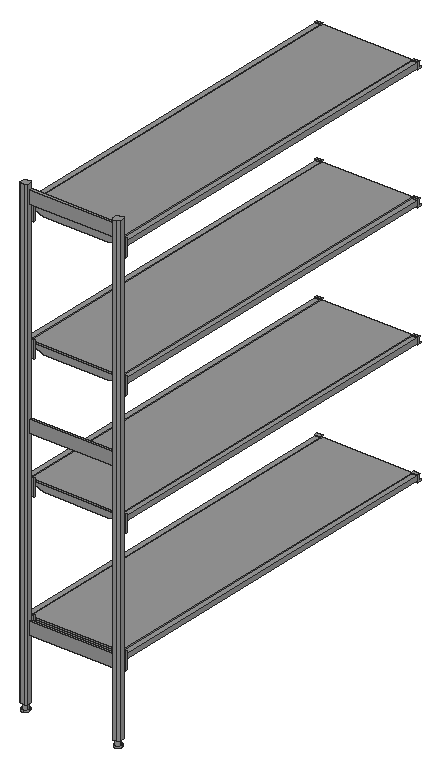
Revit family "QF_ELECTROLUXPROFESSIONAL_137057_ACS1362", category Attrezzature speciali, Revit 2020
Family settings
  Quota connettore circolare = Usa diametro
  Tipo di parte = Normale
  Basato su piano di lavoro = No
  Sempre verticale = Sì
  Taglio con vuoti quando caricato = No
  Condiviso = No
  Punto di calcolo locali = No
Parameters (values of type "Standard")
  Weight = 21.00 kg
  Watts = 0 W
  Volts = 0 V
  URL Manufacturer = "https://www.electroluxprofessional.com/"
  URL = "https://www.electroluxprofessional.com/"
  Steam Supply Size = 0 mm
  Steam Supply Minimum Pressure = 0.0 Pa
  Steam Supply Maximum Pressure = 0.0 Pa
  Steam Consumption per Hour = 0
  Refrigeration Suction Line Size = 0.0 mm
  Refrigeration Liquid Line Size = 0.0 mm
  Refrigerant Compressor Remote = yes
  Prospetto di default = 0.0 mm
  Phase = 0
  Modello = "ACS1362"
  Produttore = "Electrolux Professional"
  Length Actual = 1366.0 mm  # constant formula
  Item Number = "137057"
  Hot Water Size = 0 mm
  Height Actual = 1700.0 mm  # constant formula
  HP = "0 HP"
  Gas Size = 0 mm
  Gas KW = 0
  Gas Input Pressure = 0 W
  Direct Waste Size = 0 mm
  Descrizione = "ALUM.CORNER SHELV.-POLY.TIERS-373X1366MM"
  Depth Actual = 373.0 mm  # constant formula
  Cycle = 0 Hz
  Condensate Return Size = 0 mm
  Compressed Air Volume = 0.0 L/s
  Compressed Air Size = 0 mm
  Compressed Air Pressure = 0.0 Pa
  Cold Water Size = 0 mm
  Accessory = yes
Reference planes
  plane 1: z = 0
  plane 2 "Center (F/B)": y = -163.5
  plane 3 "Front": y = -549.5
  plane 4 "Left": x = -217.5
  plane 5 "Right": x = 155.5
  plane 6 "TOP": z = 1700
  plane 7: y = -517.5
  plane 8: y = 812.5
  plane 9 "Center (Left/Right)": x = -31
  plane 10: y = 807.5
  plane 11: x = -186
  plane 12: x = 124
  plane 13 "FEET": z = 25
  plane 14: z = 275
  plane 15: z = 725
  plane 16: z = 1175
  plane 17: z = 1625
  plane 18 "CXLeft": y = -535.5
  plane 19: x = -200
  plane 20 "CYBack": x = -200
  plane 21 "CYFront": x = 138
  plane 22 "Back": y = 816.5
  plane 23 "LEFT_ORIGIN": x = -251.5
  plane 24 "BACK_Origin": y = 1189.5
Forms (mm)
  Extrusion 1, solid, material "QF_Aluminum"
    sketch origin (0, -549.5, 0) x (-1, 0, 0) y (0, 0, 1)
      loop
        line (198.5, 1650.994) -> (198.5, 1632.998) -> (217.5, 1632.998) -> (217.5, 1650.994) -> (198.5, 1650.994)
      loop
        line (-136.5, 1650.994) -> (-155.5, 1650.994) -> (-155.5, 1632.998) -> (-136.5, 1632.998) -> (-136.5, 1650.994)
      loop
        line (198.5, 1200.994) -> (198.5, 1182.998) -> (217.5, 1182.998) -> (217.5, 1200.994) -> (198.5, 1200.994)
      loop
        line (-136.5, 1200.994) -> (-155.5, 1200.994) -> (-155.5, 1182.998) -> (-136.5, 1182.998) -> (-136.5, 1200.994)
      loop
        line (198.5, 750.994) -> (198.5, 732.998) -> (217.5, 732.998) -> (217.5, 750.994) -> (198.5, 750.994)
      loop
        line (-136.5, 750.994) -> (-155.5, 750.994) -> (-155.5, 732.998) -> (-136.5, 732.998) -> (-136.5, 750.994)
      loop
        line (198.5, 300.994) -> (198.5, 282.998) -> (217.5, 282.998) -> (217.5, 300.994) -> (198.5, 300.994)
      loop
        line (-136.5, 300.994) -> (-155.5, 300.994) -> (-155.5, 282.998) -> (-136.5, 282.998) -> (-136.5, 300.994)
    from 32 to 1362
  Extrusion 2, solid, material "QF_Polyethylene"
    sketch origin (0, -549.5, 0) x (-1, 0, 0) y (0, 0, 1)
      loop
        line (196.507, 1650.994) -> (-134.5, 1650.994) -> (-134.5, 1644.496) -> (196.507, 1644.496) -> (196.507, 1650.994)
      loop
        line (196.507, 1200.994) -> (-134.5, 1200.994) -> (-134.5, 1194.496) -> (196.507, 1194.496) -> (196.507, 1200.994)
      loop
        line (196.507, 750.994) -> (-134.5, 750.994) -> (-134.5, 744.496) -> (196.507, 744.496) -> (196.507, 750.994)
      loop
        line (196.507, 300.994) -> (-134.5, 300.994) -> (-134.5, 294.496) -> (196.507, 294.496) -> (196.507, 300.994)
    from 32 to 1362
Lines and regions (mm)
  symbolic lines
    curve 1: line (-198.5, 812.5, 1700) -> (-198.5, -517.5, 1700)
    curve 2: line (-217.5, -521.5, 1700) -> (-217.5, 812.5, 1700)
    curve 3: line (155.5, -521.5, 1700) -> (155.5, 812.5, 1700)
    curve 4: line (-181.507, -517.5, 1700) -> (119.507, -517.5, 1700)
    curve 5: line (136.5, -517.5, 1700) -> (136.5, 812.5, 1700)
    curve 6: line (-198.5, 812.5, 1700) -> (136.5, 812.5, 1700)
Dimensions and locks
  plane 3 "Front" to plane 2 "Center (F/B)" = 386.0 mm
  locked: plane 6 "TOP" to level at 1700
  locked: plane 4 "Left" to plane 5 "Right" at 373
  locked: plane 7 to plane 8 at 1330
  locked: plane 3 "Front" to plane 7 at 32
  plane 10 to plane 8 = 5.0 mm
  locked: plane 11 to plane 12 at 310
  equal spacing: plane 11, plane 9 "Center (Left/Right)", plane 12
  equal spacing: plane 4 "Left", plane 9 "Center (Left/Right)", plane 5 "Right"
  plane 13 "FEET" to level = 25.0 mm
  plane 6 "TOP" to plane 13 "FEET" = 1675.0 mm
  plane 14 to plane 13 "FEET" = 250.0 mm
  plane 15 to plane 14 = 450.0 mm
  plane 16 to plane 15 = 450.0 mm
  plane 17 to plane 16 = 450.0 mm
  locked: plane 3 "Front" to plane 18 "CXLeft" at 14
  locked: plane 3 "Front" to plane 22 "Back" at 1366
  plane 23 "LEFT_ORIGIN" to plane 5 "Right" = 407.0 mm
  locked: plane 22 "Back" to plane 24 "BACK_Origin" at 373
  aligned and locked: level to plane 1
  aligned and locked: Extrusion 2 to plane 7
  aligned and locked: plane 8 to Extrusion 2
  aligned and locked: Extrusion 1 to plane 7
  aligned and locked: plane 8 to Extrusion 1
  aligned and locked: Extrusion 1 sketch curve to Extrusion 1 sketch curve  (x2)
  aligned and locked: nested 1 to plane 18 "CXLeft"
  aligned and locked: nested 2 to plane 10
Automatic sketch dimensions
  curve 2 to plane 4 "Left" = 0.0 mm
  curve 3 to plane 5 "Right" = 0.0 mm
  plane 7 to curve 1 = 0.0 mm
  plane 7 to curve 4 = 0.0 mm
  plane 7 to curve 5 = 0.0 mm
  plane 8 to curve 2 = 0.0 mm
  plane 8 to curve 1 = 0.0 mm
  plane 8 to curve 3 = 0.0 mm
  plane 21 "CYFront" to curve 5 = 1.5 mm
  plane 19 to curve 6 = 1.5 mm
  plane 7 to curve 3 = 4.0 mm
  plane 7 to curve 2 = 4.0 mm
  plane 12 to curve 4 = 4.493 mm
  curve 4 to plane 11 = 4.493 mm
  plane 5 "Right" to Extrusion 1 sketch curve = 0.0 mm  (x4)
  plane 4 "Left" to Extrusion 1 sketch curve = 0.0 mm  (x4)
  plane 21 "CYFront" to Extrusion 1 sketch curve = 1.5 mm  (x2)
  plane 19 to Extrusion 1 sketch curve = 1.5 mm  (x4)
  plane 14 to Extrusion 1 sketch curve = 7.998 mm  (x2)
  Extrusion 1 sketch curve to Extrusion 1 sketch curve = 17.997 mm  (x8)
  plane 15 to Extrusion 1 sketch curve = 7.998 mm  (x2)
  plane 16 to Extrusion 1 sketch curve = 7.998 mm  (x2)
  plane 17 to Extrusion 1 sketch curve = 7.998 mm  (x2)
  plane 21 "CYFront" to Extrusion 2 sketch curve = 3.5 mm  (x4)
  plane 19 to Extrusion 2 sketch curve = 3.493 mm  (x4)
  plane 14 to Extrusion 2 sketch curve = 19.496 mm
  Extrusion 2 sketch curve to Extrusion 2 sketch curve = 6.499 mm  (x4)
  plane 15 to Extrusion 2 sketch curve = 19.496 mm
  plane 16 to Extrusion 2 sketch curve = 19.496 mm
  plane 17 to Extrusion 2 sketch curve = 19.496 mm
Nested families
  nested 1: "WT_Anta373" at (-194.5, -132.5, 0) x (0, 1, 0) z (0, 0, 1), type "WT_Anta373"
  nested 2: "WT_Aggancio373" at (-194.5, 1224.5, 0) x (0, 1, 0) z (0, 0, 1), type "WT_Aggancio373"
Definition of nested family "WT_Anta373"
  Parameters
    WidthLeft = A + 64.0 mm  # 772.0 mm
    Width = 1606.0 mm
    Right = WidthLeft / 2  # 386.0 mm
    Default Elevation = 0.0 mm
    Left = -WidthLeft / 2  # -386.0 mm
    Height = 1725.0 mm
    FEET = 25.0 mm
    E = 0.0 mm
    Dint = Depth - 63.0 mm  # 310.0 mm
    Dext = Depth - 8.0 mm  # 365.0 mm
    Depth = 373.0 mm
    DX = (WidthLeft - A) / 2  # 32.0 mm
    B = 798.0 mm
    A = 708.0 mm
  Reference planes
    plane 1: z = 0
    plane 2 "LEFT": x = -417
    plane 3 "BACK": y = 23
    plane 4 "FRONT": y = -350
    plane 5 "TOP": z = 1725
    plane 6 "Center (Front/Back)": y = -163.5
    plane 7: y = -8.5
    plane 8: y = -318.5
    plane 9 "FEET": z = 25
    plane 10: z = 275
    plane 11: z = 725
    plane 12: z = 1175
    plane 13: z = 1625
    plane 14 "CXLeft": x = -403
    plane 15: y = 5.5
    plane 16 "CYBack": y = 5.5
    plane 17 "CYFront": y = -332.5
    plane 18: x = -385.031
    plane 19: x = -380.031
  Forms (mm)
    Extrusion 1, solid
      sketch origin (0, 0, 0) x (1, 0, 0) y (0, 1, 0)
        loop
          line (-417, 13.246) -> (-417, -2.246) -> (-410.746, -8.5) -> (-395.254, -8.5) -> (-389, -2.246) -> (-389, 13.246) -> (-395.254, 19.5) -> (-410.746, 19.5) -> (-417, 13.246)
      from 1725 to 25
    Extrusion 2, solid
      sketch origin (-417, 0, 0) x (0, 1, 0) y (0, 0, 1)
        loop
          line (23, 246.005) -> (23, 307.993) -> (-12.993, 307.993) -> (-12.993, 246.005) -> (23, 246.005)
        loop
          line (-350, 246.005) -> (-314.007, 246.005) -> (-314.007, 307.993) -> (-350, 307.993) -> (-350, 246.005)
        loop
          line (23, 696.005) -> (23, 757.993) -> (-12.993, 757.993) -> (-12.993, 696.005) -> (23, 696.005)
        loop
          line (-350, 696.005) -> (-314.007, 696.005) -> (-314.007, 757.993) -> (-350, 757.993) -> (-350, 696.005)
        loop
          line (23, 1146.005) -> (23, 1207.993) -> (-12.993, 1207.993) -> (-12.993, 1146.005) -> (23, 1146.005)
        loop
          line (-350, 1146.005) -> (-314.007, 1146.005) -> (-314.007, 1207.993) -> (-350, 1207.993) -> (-350, 1146.005)
        loop
          line (23, 1596.005) -> (23, 1657.993) -> (-12.993, 1657.993) -> (-12.993, 1596.005) -> (23, 1596.005)
        loop
          line (-350, 1596.005) -> (-314.007, 1596.005) -> (-314.007, 1657.993) -> (-350, 1657.993) -> (-350, 1596.005)
      from 28 to 32
    Revolve 3, solid
      sketch origin (-403, 0, 0) x (0, 1, 0) y (0, 0, 1)
        loop
          line (5.5, 25) -> (5.5, 0) -> (19, 0) -> (19, 5) -> (14, 5) -> (14, 25) -> (5.5, 25)
        axis (5.5, 25) -> (5.5, 0)
      angle from 0 to 360
    Extrusion 4, solid
      sketch origin (-403, 0, 0) x (0, 1, 0) y (0, 0, 1)
        loop
          line (-8.5, 912.382) -> (-8.5, 957.374) -> (-318.5, 957.374) -> (-318.5, 912.382) -> (-8.5, 912.382)
        loop
          line (-8.5, 1662.244) -> (-8.5, 1707.236) -> (-318.5, 1707.236) -> (-318.5, 1662.244) -> (-8.5, 1662.244)
      from -5 to 5
    Revolve 5, solid
      sketch origin (-403, -627, 0) x (0, -1, 0) y (0, 0, 1)
        loop
          line (-294.5, 25) -> (-294.5, 0) -> (-281, 0) -> (-281, 5) -> (-286, 5) -> (-286, 25) -> (-294.5, 25)
        axis (-294.5, 25) -> (-294.5, 0)
      angle from 0 to 360
    Extrusion 6, solid
      sketch origin (0, -627, 0) x (1, 0, 0) y (0, 1, 0)
        loop
          line (-417, 286.754) -> (-410.746, 280.5) -> (-395.254, 280.5) -> (-389, 286.754) -> (-389, 302.246) -> (-395.254, 308.5) -> (-410.746, 308.5) -> (-417, 302.246) -> (-417, 286.754)
      from 1725 to 25
    Extrusion 7, solid
      sketch origin (-417.031, -0.022, 0) x (0, 1, 0) y (0, 0, -1)
        loop
          line (-12, -1632.998) -> (-46, -1620.994) -> (-281, -1620.994) -> (-315, -1632.998) -> (-331, -1632.998) -> (-331, -1650.994) -> (-329, -1650.994) -> (-329, -1644.496) -> (2.007, -1644.496) -> (2.007, -1650.994) -> (4, -1650.994) -> (4, -1632.998) -> (-12, -1632.998)
        loop
          line (-12, -1182.998) -> (-46, -1170.994) -> (-281, -1170.994) -> (-315, -1182.998) -> (-331, -1182.998) -> (-331, -1200.994) -> (-329, -1200.994) -> (-329, -1194.496) -> (2.007, -1194.496) -> (2.007, -1200.994) -> (4, -1200.994) -> (4, -1182.998) -> (-12, -1182.998)
        loop
          line (-12, -732.998) -> (-46, -720.994) -> (-281, -720.994) -> (-315, -732.998) -> (-331, -732.998) -> (-331, -750.994) -> (-329, -750.994) -> (-329, -744.496) -> (2.007, -744.496) -> (2.007, -750.994) -> (4, -750.994) -> (4, -732.998) -> (-12, -732.998)
        loop
          line (-12, -282.998) -> (-46, -270.994) -> (-281, -270.994) -> (-315, -282.998) -> (-331, -282.998) -> (-331, -300.994) -> (-329, -300.994) -> (-329, -294.496) -> (2.007, -294.496) -> (2.007, -300.994) -> (4, -300.994) -> (4, -282.998) -> (-12, -282.998)
      from -32 to -37
    Extrusion 8, solid
      sketch origin (-403, 0, -659.878) x (0, 1, 0) y (0, 0, 1)
        loop
          line (-8.5, 912.382) -> (-8.5, 957.374) -> (-318.5, 957.374) -> (-318.5, 912.382) -> (-8.5, 912.382)
        loop
          line (-8.5, 1572.382) -> (-8.5, 1617.374) -> (-318.5, 1617.374) -> (-318.5, 1572.382) -> (-8.5, 1572.382)
        loop
          line (-8.5, 2322.382) -> (-8.5, 2367.374) -> (-318.5, 2367.374) -> (-318.5, 2322.382) -> (-8.5, 2322.382)
      from -5 to 5
  Lines and regions (mm)
    symbolic lines
      curve 1: line (-408, -8.5, 1725) -> (-408, -318.5, 1725)
      curve 2: line (-398, -318.5, 1725) -> (-398, -8.5, 1725)
      curve 3: line (-395.254, -8.5, 1725) -> (-410.746, -8.5, 1725)
      curve 4: line (-417, -2.246, 1725) -> (-410.746, -8.5, 1725)
      curve 5: line (-417, 13.246, 1725) -> (-417, -2.246, 1725)
      curve 6: line (-410.746, 19.5, 1725) -> (-417, 13.246, 1725)
      curve 7: line (-395.254, 19.5, 1725) -> (-410.746, 19.5, 1725)
      curve 8: line (-389, 13.246, 1725) -> (-395.254, 19.5, 1725)
      curve 9: line (-395.254, -8.5, 1725) -> (-389, -2.246, 1725)
      curve 10: line (-395.254, -318.5, 1725) -> (-410.746, -318.5, 1725)
      curve 11: line (-417, -324.754, 1725) -> (-410.746, -318.5, 1725)
      curve 12: line (-410.746, -346.5, 1725) -> (-417, -340.246, 1725)
      curve 13: line (-395.254, -346.5, 1725) -> (-410.746, -346.5, 1725)
      curve 14: line (-389, -340.246, 1725) -> (-395.254, -346.5, 1725)
      curve 15: line (-395.254, -318.5, 1725) -> (-389, -324.754, 1725)
      curve 16: line (-389, -350, 1725) -> (-389, -314.007, 1725)
      curve 17: line (-389, -314.007, 1725) -> (-385, -314.007, 1725)
      curve 18: line (-389, 23, 1725) -> (-389, -12.993, 1725)
      curve 19: line (-389, -12.993, 1725) -> (-385, -12.993, 1725)
      curve 20: line (-417, -324.754, 1725) -> (-417, -340.246, 1725)
      curve 21: line (-385, -350, 1725) -> (-385, -314.007, 1725)
      curve 22: line (-385, -350, 1725) -> (-389, -350, 1725)
      curve 23: line (-385, 23, 1725) -> (-389, 23, 1725)
      curve 24: line (-385, -12.993, 1725) -> (-385, 23, 1725)
      curve 25: line (-385.031, -13.016, 1725) -> (-385.031, -314.029, 1725)
  Dimensions and locks
    "Height": plane 5 "TOP" to level
    "Depth": plane 3 "BACK" to plane 4 "FRONT"
    "Dint": plane 7 to plane 8
    equal spacing: plane 7, plane 6 "Center (Front/Back)", plane 8
    equal spacing: plane 3 "BACK", plane 6 "Center (Front/Back)", plane 4 "FRONT"
    plane 9 "FEET" to level = 25.0 mm
    plane 5 "TOP" to plane 9 "FEET" = 1700.0 mm
    plane 10 to plane 9 "FEET" = 250.0 mm
    plane 11 to plane 10 = 450.0 mm
    plane 12 to plane 11 = 450.0 mm
    plane 13 to plane 12 = 450.0 mm
    locked: plane 2 "LEFT" to plane 14 "CXLeft" at 14
    locked: plane 3 "BACK" to plane 16 "CYBack" at 17.5
    locked: plane 17 "CYFront" to plane 4 "FRONT" at 17.5
    locked: Revolve 3 sketch curve to Revolve 3 sketch curve at 8.5
    locked: Revolve 3 sketch curve to plane 16 "CYBack" at 13.5
    locked: Revolve 5 sketch curve to Revolve 5 sketch curve at 8.5
    aligned and locked: level to plane 1
    aligned and locked: curve 20 to Extrusion 6
    aligned and locked: plane 5 "TOP" to Extrusion 1
    aligned and locked: plane 5 "TOP" to Extrusion 6
    aligned and locked: Extrusion 7 sketch curve to Extrusion 7 sketch curve  (x3)
  Automatic sketch dimensions
    curve 16 to plane 4 "FRONT" = 0.0 mm
    curve 11 to plane 8 = 0.0 mm
    curve 9 to plane 7 = 0.0 mm
    curve 5 to plane 2 "LEFT" = 0.0 mm
    curve 23 to plane 3 "BACK" = 0.0 mm
    plane 4 "FRONT" to curve 13 = 3.5 mm
    curve 20 to plane 17 "CYFront" = 7.746 mm
    curve 20 to plane 8 = 6.254 mm
    plane 8 to curve 16 = 4.493 mm
    curve 24 to plane 18 = 0.031 mm
    curve 24 to plane 7 = 4.493 mm
    plane 7 to curve 5 = 6.254 mm
    curve 5 to plane 15 = 7.746 mm
    curve 6 to plane 3 "BACK" = 3.5 mm
    curve 21 to plane 18 = 0.031 mm
    plane 18 to curve 23 = 3.969 mm
    plane 18 to curve 16 = 3.969 mm
    curve 18 to curve 8 = 6.254 mm
    curve 18 to curve 3 = 6.254 mm
    curve 16 to curve 13 = 6.254 mm
    curve 16 to curve 15 = 6.254 mm
    plane 2 "LEFT" to curve 10 = 6.254 mm
    plane 2 "LEFT" to curve 7 = 6.254 mm
    plane 2 "LEFT" to curve 12 = 6.254 mm
    plane 2 "LEFT" to curve 3 = 6.254 mm
    curve 14 to plane 17 "CYFront" = 7.746 mm
    curve 15 to plane 8 = 6.254 mm
    plane 7 to curve 9 = 6.254 mm
    curve 8 to plane 15 = 7.746 mm
    curve 3 to curve 2 = 2.746 mm
    curve 1 to curve 10 = 2.746 mm
    Extrusion 1 sketch curve to plane 2 "LEFT" = 0.0 mm
    Extrusion 1 sketch curve to plane 7 = 0.0 mm
    plane 2 "LEFT" to Extrusion 1 sketch curve = 6.254 mm  (x2)
    plane 14 "CXLeft" to Extrusion 1 sketch curve = 7.746 mm  (x2)
    Extrusion 1 sketch curve to plane 3 "BACK" = 3.5 mm
    plane 18 to Extrusion 1 sketch curve = 3.969 mm
    plane 7 to Extrusion 1 sketch curve = 6.254 mm  (x2)
    Extrusion 1 sketch curve to plane 15 = 7.746 mm  (x2)
    Extrusion 2 sketch curve to plane 4 "FRONT" = 0.0 mm  (x4)
    Extrusion 2 sketch curve to plane 3 "BACK" = 0.0 mm  (x4)
    plane 8 to Extrusion 2 sketch curve = 4.493 mm  (x4)
    Extrusion 2 sketch curve to plane 7 = 4.493 mm  (x4)
    Extrusion 2 sketch curve to plane 10 = 28.995 mm  (x2)
    plane 10 to Extrusion 2 sketch curve = 32.993 mm  (x2)
    Extrusion 2 sketch curve to plane 11 = 28.995 mm  (x2)
    plane 11 to Extrusion 2 sketch curve = 32.993 mm  (x2)
    Extrusion 2 sketch curve to plane 12 = 28.995 mm  (x2)
    plane 12 to Extrusion 2 sketch curve = 32.993 mm  (x2)
    Extrusion 2 sketch curve to plane 13 = 28.995 mm  (x2)
    plane 13 to Extrusion 2 sketch curve = 32.993 mm  (x2)
    Revolve 3 sketch curve to plane 9 "FEET" = 0.0 mm  (x2)
    Revolve 3 sketch curve to plane 15 = 0.0 mm  (x2)
    Revolve 3 sketch curve to level = 0.0 mm
    level to Revolve 3 sketch curve = 5.0 mm
    Revolve 3 sketch curve to Revolve 3 sketch curve = 11.655 mm
    Extrusion 4 sketch curve to plane 8 = 0.0 mm  (x2)
    Extrusion 4 sketch curve to plane 7 = 0.0 mm  (x2)
    plane 11 to Extrusion 4 sketch curve = 187.382 mm
    Extrusion 4 sketch curve to Extrusion 4 sketch curve = 44.992 mm
    plane 13 to Extrusion 4 sketch curve = 37.244 mm
    Extrusion 4 sketch curve to plane 5 "TOP" = 17.764 mm
    Revolve 5 sketch curve to plane 9 "FEET" = 0.0 mm  (x2)
    Revolve 5 sketch curve to plane 17 "CYFront" = 0.0 mm  (x2)
    Revolve 5 sketch curve to level = 0.0 mm
    Revolve 5 sketch curve to plane 4 "FRONT" = 4.0 mm
    Revolve 5 sketch curve to Revolve 5 sketch curve = 5.0 mm
    level to Revolve 5 sketch curve = 11.655 mm
    Extrusion 6 sketch curve to plane 2 "LEFT" = 0.0 mm
    Extrusion 6 sketch curve to plane 8 = 0.0 mm
    Extrusion 6 sketch curve to plane 2 "LEFT" = 6.254 mm  (x2)
    Extrusion 6 sketch curve to plane 14 "CXLeft" = 7.746 mm  (x2)
    Extrusion 6 sketch curve to plane 4 "FRONT" = 3.5 mm
    Extrusion 6 sketch curve to plane 18 = 3.969 mm
    plane 8 to Extrusion 6 sketch curve = 6.254 mm  (x2)
    plane 17 "CYFront" to Extrusion 6 sketch curve = 7.746 mm  (x2)
    plane 17 "CYFront" to Extrusion 7 sketch curve = 1.478 mm  (x4)
    Extrusion 7 sketch curve to Extrusion 7 sketch curve = 2.0 mm
    plane 8 to Extrusion 7 sketch curve = 3.478 mm  (x4)
    Extrusion 7 sketch curve to plane 10 = 4.006 mm
    Extrusion 7 sketch curve to Extrusion 7 sketch curve = 34.0 mm  (x4)
    Extrusion 7 sketch curve to plane 11 = 4.006 mm
    Extrusion 7 sketch curve to plane 12 = 4.006 mm
    Extrusion 7 sketch curve to plane 13 = 4.006 mm
    Extrusion 7 sketch curve to plane 7 = 37.522 mm  (x4)
    Extrusion 7 sketch curve to plane 7 = 3.522 mm  (x4)
    plane 15 to Extrusion 7 sketch curve = 3.516 mm  (x4)
    plane 15 to Extrusion 7 sketch curve = 1.522 mm  (x4)
    plane 13 to Extrusion 7 sketch curve = 7.998 mm  (x2)
    Extrusion 7 sketch curve to Extrusion 7 sketch curve = 11.498 mm
    Extrusion 7 sketch curve to Extrusion 7 sketch curve = 6.499 mm  (x5)
    plane 12 to Extrusion 7 sketch curve = 25.994 mm  (x2)
    plane 12 to Extrusion 7 sketch curve = 7.998 mm  (x2)
    plane 11 to Extrusion 7 sketch curve = 25.994 mm  (x2)
    plane 11 to Extrusion 7 sketch curve = 7.998 mm  (x2)
    plane 10 to Extrusion 7 sketch curve = 25.994 mm  (x2)
    plane 10 to Extrusion 7 sketch curve = 7.998 mm  (x2)
    curve 25 to plane 18 = 0.0 mm
    plane 8 to curve 25 = 4.471 mm
    curve 25 to plane 7 = 4.516 mm
    Extrusion 8 sketch curve to plane 8 = 0.0 mm  (x3)
    Extrusion 8 sketch curve to plane 7 = 0.0 mm  (x3)
    Extrusion 8 sketch curve to plane 10 = 22.496 mm
    plane 10 to Extrusion 8 sketch curve = 22.496 mm
    plane 11 to Extrusion 8 sketch curve = 187.504 mm
    Extrusion 8 sketch curve to Extrusion 8 sketch curve = 44.992 mm
    plane 13 to Extrusion 8 sketch curve = 37.504 mm
    Extrusion 8 sketch curve to plane 5 "TOP" = 17.504 mm
Definition of nested family "WT_Aggancio373"
  Parameters
    WidthLeft = A + 64.0 mm  # 772.0 mm
    Width = 1606.0 mm
    Right = WidthLeft / 2  # 386.0 mm
    Default Elevation = 0.0 mm
    Left = -WidthLeft / 2  # -386.0 mm
    Height = 1725.0 mm
    FEET = 25.0 mm
    E = 0.0 mm
    Dint = Depth - 63.0 mm  # 310.0 mm
    Dext = Depth - 8.0 mm  # 365.0 mm
    Depth = 373.0 mm
    DX = (WidthLeft - A) / 2  # 32.0 mm
    B = 798.0 mm
    A = 708.0 mm
  Reference planes
    plane 1: z = 0
    plane 2 "LEFT": x = -417
    plane 3 "BACK": y = 23
    plane 4 "FRONT": y = -350
    plane 5 "TOP": z = 1725
    plane 6 "Center (Front/Back)": y = -163.5
    plane 7: y = -8.5
    plane 8: y = -318.5
    plane 9 "FEET": z = 25
    plane 10: z = 275
    plane 11: z = 725
    plane 12: z = 1175
    plane 13: z = 1625
    plane 14: y = 5.5
    plane 15 "CYBack": y = 5.5
    plane 16 "CYFront": y = -332.5
  Forms (mm)
    Extrusion 1, solid
      sketch origin (-380, -0.022, 0) x (0, 1, 0) y (0, 0, 1)
        loop
          line (-12, 1632.998) -> (4, 1632.998) -> (4, 1650.994) -> (2.007, 1650.994) -> (2.007, 1644.496) -> (-329, 1644.496) -> (-329, 1650.994) -> (-331, 1650.994) -> (-331, 1632.998) -> (-315, 1632.998) -> (-281, 1620.994) -> (-46, 1620.994) -> (-12, 1632.998)
        loop
          line (-12, 1182.998) -> (4, 1182.998) -> (4, 1200.994) -> (2.007, 1200.994) -> (2.007, 1194.496) -> (-329, 1194.496) -> (-329, 1200.994) -> (-331, 1200.994) -> (-331, 1182.998) -> (-315, 1182.998) -> (-281, 1170.994) -> (-46, 1170.994) -> (-12, 1182.998)
        loop
          line (-12, 732.998) -> (4, 732.998) -> (4, 750.994) -> (2.007, 750.994) -> (2.007, 744.496) -> (-329, 744.496) -> (-329, 750.994) -> (-331, 750.994) -> (-331, 732.998) -> (-315, 732.998) -> (-281, 720.994) -> (-46, 720.994) -> (-12, 732.998)
        loop
          line (-12, 282.998) -> (4, 282.998) -> (4, 300.994) -> (2.007, 300.994) -> (2.007, 294.496) -> (-329, 294.496) -> (-329, 300.994) -> (-331, 300.994) -> (-331, 282.998) -> (-315, 282.998) -> (-281, 270.994) -> (-46, 270.994) -> (-12, 282.998)
      from -32 to -37
    Extrusion 2, solid
      sketch origin (-793.062, -324.754, 6.5) x (1, 0, 0) y (0, 0, 1)
        loop
          line (385.062, 1644.496) -> (385.062, 1647.496) -> (376.062, 1647.496) -> (376.062, 1620.994) -> (390.031, 1620.994) -> (390.031, 1626.496) -> (381.062, 1626.496) -> (381.062, 1644.496) -> (385.062, 1644.496)
        loop
          line (385.062, 1194.496) -> (385.062, 1197.496) -> (376.062, 1197.496) -> (376.062, 1170.994) -> (390.031, 1170.994) -> (390.031, 1176.496) -> (381.062, 1176.496) -> (381.062, 1194.496) -> (385.062, 1194.496)
        loop
          line (385.062, 744.496) -> (385.062, 747.496) -> (376.062, 747.496) -> (376.062, 720.994) -> (390.031, 720.994) -> (390.031, 726.496) -> (381.062, 726.496) -> (381.062, 744.496) -> (385.062, 744.496)
        loop
          line (385.062, 294.496) -> (385.062, 297.496) -> (376.062, 297.496) -> (376.062, 270.994) -> (390.031, 270.994) -> (390.031, 276.496) -> (381.062, 276.496) -> (381.062, 294.496) -> (385.062, 294.496)
      from 6.268 to 25.246
    Extrusion 3, solid
      sketch origin (-793.062, 32.754, 6.5) x (1, 0, 0) y (0, 0, 1)
        loop
          line (385.062, 1644.496) -> (385.062, 1647.496) -> (376.062, 1647.496) -> (376.062, 1620.994) -> (390.031, 1620.994) -> (390.031, 1626.496) -> (381.062, 1626.496) -> (381.062, 1644.496) -> (385.062, 1644.496)
        loop
          line (385.062, 1194.496) -> (385.062, 1197.496) -> (376.062, 1197.496) -> (376.062, 1170.994) -> (390.031, 1170.994) -> (390.031, 1176.496) -> (381.062, 1176.496) -> (381.062, 1194.496) -> (385.062, 1194.496)
        loop
          line (385.062, 744.496) -> (385.062, 747.496) -> (376.062, 747.496) -> (376.062, 720.994) -> (390.031, 720.994) -> (390.031, 726.496) -> (381.062, 726.496) -> (381.062, 744.496) -> (385.062, 744.496)
        loop
          line (385.062, 294.496) -> (385.062, 297.496) -> (376.062, 297.496) -> (376.062, 270.994) -> (390.031, 270.994) -> (390.031, 276.496) -> (381.062, 276.496) -> (381.062, 294.496) -> (385.062, 294.496)
      from 9.754 to 28.776
  Lines and regions (mm)
    symbolic lines
      curve 1: line (-412, -350, 0) -> (-408, -350, 0)
      curve 2: line (-412, -331.022, 0) -> (-412, -350, 0)
      curve 3: line (-408, -331.022, 0) -> (-412, -331.022, 0)
      curve 4: line (-408, -350, 0) -> (-408, -331.022, 0)
      curve 5: line (-412, 3.978, 0) -> (-408, 3.978, 0)
      curve 6: line (-412, 23, 0) -> (-412, 3.978, 0)
      curve 7: line (-408, 23, 0) -> (-412, 23, 0)
      curve 8: line (-408, 3.978, 0) -> (-408, 23, 0)
  Dimensions and locks
    "Height": plane 5 "TOP" to level
    "Depth": plane 3 "BACK" to plane 4 "FRONT"
    "Dint": plane 7 to plane 8
    equal spacing: plane 7, plane 6 "Center (Front/Back)", plane 8
    equal spacing: plane 3 "BACK", plane 6 "Center (Front/Back)", plane 4 "FRONT"
    plane 9 "FEET" to level = 25.0 mm
    plane 5 "TOP" to plane 9 "FEET" = 1700.0 mm
    plane 10 to plane 9 "FEET" = 250.0 mm
    plane 11 to plane 10 = 450.0 mm
    plane 12 to plane 11 = 450.0 mm
    plane 13 to plane 12 = 450.0 mm
    locked: plane 3 "BACK" to plane 15 "CYBack" at 17.5
    locked: plane 16 "CYFront" to plane 4 "FRONT" at 17.5
    aligned and locked: level to plane 1
    aligned and locked: Extrusion 1 sketch curve to Extrusion 1 sketch curve  (x3)
  Automatic sketch dimensions
    plane 16 "CYFront" to Extrusion 1 sketch curve = 1.478 mm  (x4)
    Extrusion 1 sketch curve to Extrusion 1 sketch curve = 2.0 mm
    plane 8 to Extrusion 1 sketch curve = 3.478 mm  (x4)
    Extrusion 1 sketch curve to plane 10 = 4.006 mm
    Extrusion 1 sketch curve to Extrusion 1 sketch curve = 34.0 mm  (x4)
    Extrusion 1 sketch curve to plane 11 = 4.006 mm
    Extrusion 1 sketch curve to plane 12 = 4.006 mm
    Extrusion 1 sketch curve to plane 13 = 4.006 mm
    Extrusion 1 sketch curve to plane 7 = 37.522 mm  (x4)
    Extrusion 1 sketch curve to plane 7 = 3.522 mm  (x4)
    plane 14 to Extrusion 1 sketch curve = 3.516 mm  (x4)
    plane 14 to Extrusion 1 sketch curve = 1.522 mm  (x4)
    plane 10 to Extrusion 1 sketch curve = 7.998 mm  (x2)
    Extrusion 1 sketch curve to Extrusion 1 sketch curve = 11.498 mm  (x4)
    Extrusion 1 sketch curve to Extrusion 1 sketch curve = 6.499 mm  (x8)
    plane 11 to Extrusion 1 sketch curve = 7.998 mm  (x2)
    plane 12 to Extrusion 1 sketch curve = 7.998 mm  (x2)
    plane 13 to Extrusion 1 sketch curve = 7.998 mm  (x2)
    plane 2 "LEFT" to Extrusion 2 sketch curve = 0.0 mm  (x4)
    plane 13 to Extrusion 2 sketch curve = 7.996 mm
    plane 11 to Extrusion 2 sketch curve = 7.996 mm
    Extrusion 2 sketch curve to Extrusion 2 sketch curve = 5.0 mm  (x4)
    plane 11 to Extrusion 2 sketch curve = 2.494 mm
    plane 10 to Extrusion 2 sketch curve = 28.996 mm
    Extrusion 2 sketch curve to Extrusion 2 sketch curve = 3.0 mm  (x4)
    plane 10 to Extrusion 2 sketch curve = 7.996 mm
    plane 10 to Extrusion 2 sketch curve = 2.494 mm
    Extrusion 2 sketch curve to Extrusion 2 sketch curve = 18.0 mm  (x3)
    plane 12 to Extrusion 2 sketch curve = 2.494 mm
    plane 12 to Extrusion 2 sketch curve = 7.996 mm
    plane 13 to Extrusion 2 sketch curve = 2.494 mm
    plane 2 "LEFT" to Extrusion 3 sketch curve = 0.0 mm  (x4)
    plane 13 to Extrusion 3 sketch curve = 7.996 mm
    plane 11 to Extrusion 3 sketch curve = 7.996 mm
    Extrusion 3 sketch curve to Extrusion 3 sketch curve = 5.0 mm  (x4)
    plane 11 to Extrusion 3 sketch curve = 2.494 mm
    plane 10 to Extrusion 3 sketch curve = 28.996 mm
    Extrusion 3 sketch curve to Extrusion 3 sketch curve = 3.0 mm  (x4)
    plane 10 to Extrusion 3 sketch curve = 7.996 mm
    plane 10 to Extrusion 3 sketch curve = 2.494 mm
    Extrusion 3 sketch curve to Extrusion 3 sketch curve = 18.0 mm  (x3)
    plane 12 to Extrusion 3 sketch curve = 2.494 mm
    plane 12 to Extrusion 3 sketch curve = 7.996 mm
    plane 13 to Extrusion 3 sketch curve = 2.494 mm
    plane 2 "LEFT" to curve 1 = 5.0 mm
    plane 2 "LEFT" to curve 7 = 5.0 mm
    curve 1 to plane 16 "CYFront" = 17.5 mm
    curve 3 to plane 8 = 12.522 mm
    plane 7 to curve 5 = 12.478 mm
    curve 7 to plane 14 = 17.5 mm
    curve 5 to curve 5 = 4.0 mm
    curve 1 to curve 4 = 4.0 mm
    Extrusion 2 sketch curve to Extrusion 2 sketch curve = 4.0 mm  (x4)
    Extrusion 2 sketch curve to Extrusion 2 sketch curve = 8.969 mm  (x4)
    Extrusion 3 sketch curve to Extrusion 3 sketch curve = 4.0 mm  (x4)
    Extrusion 3 sketch curve to Extrusion 3 sketch curve = 8.969 mm  (x4)
